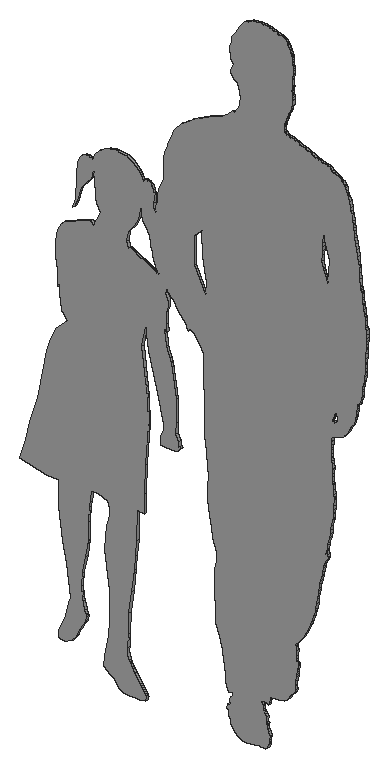
Revit family
Parameters (values of type "People_03_Multiple_views")
  built-in parameter 1005198 = (empty or 0)
  built-in parameter 1005195 = "d:\\byoh\\M25_HOL1_Santa.rpc"
  Assembly Code = ""
Reference planes (in)
  plane 1 "Center (Front/Back)": y = 0
  plane 2: z = 0
  plane 3 "Center (Left/Right)": x = 0
Forms (in)
  Extrusion 1, solid, material "Entourage-Figure"
    sketch origin (111.37733, 0, -1.20592) x (1, 0, 0) y (0, 0, 1)
      loop
        line (-119.831, 48.19753) -> (-120.61107, 46.72492) -> (-120.94509, 47.01286) -> (-122.49156, 46.44676) -> (-123.83276, 45.87233) -> (-124.24863, 45.55062) -> (-124.6006, 44.87224) -> (-124.90241, 43.66574) -> (-124.87498, 42.15762) -> (-124.79266, 41.41727) -> (-124.6006, 40.86887) -> (-124.62965, 39.24298) -> (-124.44885, 39.40581) -> (-124.38941, 38.55298) -> (-124.17677, 37.02569)
        arc (-124.17677, 37.02569) -> (-124.15194, 36.93712) -> (-124.10441, 36.85838) r 0.34191
        line (-124.10441, 36.85838) -> (-123.56622, 36.1901) -> (-124.72748, 35.04112) -> (-125.42674, 33.69744) -> (-125.91985, 32.35715) -> (-126.34421, 30.08378) -> (-126.90357, 27.32724) -> (-127.71562, 24.69204) -> (-128.22383, 22.70915) -> (-128.84854, 20.67954) -> (-125.86325, 20.03237) -> (-124.48409, 20.03162) -> (-124.52503, 19.17253) -> (-124.52503, 17.37568) -> (-124.12548, 14.13138) -> (-123.62604, 12.08497) -> (-123.20324, 8.75418) -> (-123.44044, 8.16154) -> (-123.79625, 6.77871) -> (-124.53836, 5.07296) -> (-124.57412, 4.57648) -> (-124.4792, 4.38689) -> (-124.3443, 4.26561) -> (-124.12313, 4.22936) -> (-123.92048, 4.24184) -> (-123.73318, 4.27724) -> (-123.51182, 4.34164) -> (-123.16315, 4.53608) -> (-122.93279, 4.7022) -> (-122.79285, 4.8462) -> (-122.64393, 4.98992) -> (-122.50999, 5.1828) -> (-122.42546, 5.36961) -> (-122.23603, 5.88358) -> (-122.1276, 5.99428) -> (-121.53471, 6.91215)
        arc (-121.53471, 6.91215) -> (-121.50307, 6.9742) -> (-121.48467, 7.04138) r 0.34193
        line (-121.48467, 7.04138) -> (-121.40754, 7.50345)
        arc (-121.40754, 7.50345) -> (-121.40549, 7.60199) -> (-121.43164, 7.69702) r 0.34192
        line (-121.43164, 7.69702) -> (-121.60985, 8.10356) -> (-121.90405, 9.26451) -> (-121.99364, 10.36295) -> (-121.90345, 11.74567) -> (-121.48459, 13.43391) -> (-121.24757, 15.10169) -> (-121.20343, 16.98008) -> (-121.13389, 18.5364) -> (-120.859, 20.15419) -> (-120.09026, 20.15225) -> (-119.0543, 19.83662)
        arc (-119.0543, 19.83662) -> (-118.89393, 18.56435) -> (-119.23479, 17.32814) r 3.27218
        arc (-119.23479, 17.32814) -> (-119.39976, 14.91429) -> (-119.10392, 12.51297) r 12.69856
        arc (-119.10392, 12.51297) -> (-118.86532, 11.07567) -> (-118.83779, 9.61896) r 10.01511
        arc (-118.83779, 9.61896) -> (-118.83466, 8.02413) -> (-119.00231, 6.43813) r 14.8727
        arc (-119.00231, 6.43813) -> (-119.16628, 5.34984) -> (-119.38577, 4.27139) r 21.47897
        line (-119.38577, 4.27139) -> (-119.55215, 3.22016) -> (-118.87614, 2.69777) -> (-118.49928, 2.5219) -> (-118.2131, 2.27081) -> (-118.06889, 1.9553) -> (-117.75257, 1.63956) -> (-117.30181, 1.40441) -> (-116.62503, 1.32351) -> (-115.9663, 1.29332) -> (-115.52622, 1.32599) -> (-114.90848, 1.44883)
        arc (-114.90848, 1.44883) -> (-114.76079, 1.6657) -> (-114.81027, 1.92337) r 0.34191
        line (-114.81027, 1.92337) -> (-116.05596, 3.81028) -> (-116.5882, 4.66359)
        arc (-116.5882, 4.66359) -> (-116.84811, 5.30485) -> (-116.84538, 5.99677) r 1.78986
        line (-116.84538, 5.99677) -> (-116.8115, 7.43852) -> (-116.7284, 9.57153) -> (-116.38856, 11.75621) -> (-116.13856, 13.97598) -> (-115.98799, 15.47269) -> (-115.83548, 17.05178) -> (-115.76617, 20.00119) -> (-115.04195, 19.9512) -> (-114.9953, 21.93669) -> (-114.86832, 24.88474) -> (-114.59852, 28.99995) -> (-114.70919, 31.65684)
        arc (-114.70919, 31.65684) -> (-114.92729, 34.11191) -> (-115.28662, 36.55033) r 42.72125
        line (-115.28662, 36.55033) -> (-114.88525, 38.58313) -> (-114.59865, 36.36106) -> (-113.53546, 32.49478) -> (-112.88511, 29.65211) -> (-112.90002, 29.01774) -> (-113.20521, 28.30776) -> (-113.19258, 27.44194) -> (-112.53427, 27.3935) -> (-111.6102, 27.42949) -> (-111.22774, 27.56888) -> (-110.95701, 27.85141) -> (-110.98552, 28.09276) -> (-111.18509, 27.97366) -> (-111.18212, 28.45806) -> (-111.51245, 29.13351) -> (-111.42768, 30.28556) -> (-111.43057, 32.61843) -> (-112.00892, 36.06939) -> (-112.55039, 37.58236) -> (-112.71902, 39.02266)
        arc (-112.71902, 39.02266) -> (-112.6187, 38.97302) -> (-112.52159, 38.91737) r 1.8369
        line (-112.52159, 38.91737) -> (-112.54806, 39.72711) -> (-112.58807, 40.95097)
        arc (-112.58807, 40.95097) -> (-112.32022, 41.88107) -> (-112.67723, 42.78072) r 1.49746
        arc (-112.67723, 42.78072) -> (-112.59852, 42.93368) -> (-112.54473, 43.09706) r 1.0952
        line (-112.54473, 43.09706) -> (-112.34541, 42.83988) -> (-112.0997, 42.57184) -> (-111.77581, 42.41546) -> (-111.42958, 41.67834) -> (-111.18387, 41.39911) -> (-110.97166, 41.15339) -> (-110.69245, 40.77367) -> (-110.45791, 40.53913) -> (-110.35739, 40.18173) -> (-110.2457, 39.9807) -> (-110.067, 39.93603) -> (-109.96649, 40.04771) -> (-109.74311, 39.9807) -> (-109.56441, 39.92484) -> (-109.34104, 39.58979) -> (-109.12883, 39.31057) -> (-108.9613, 39.0537) -> (-108.81611, 38.81916) -> (-108.63741, 38.47293) -> (-108.48105, 38.2719) -> (-108.45871, 37.93683) -> (-108.44754, 36.97632) -> (-108.43638, 36.38438) -> (-108.40287, 35.60258) -> (-108.40287, 35.28985) -> (-108.29118, 33.9161) -> (-108.32469, 33.40234) -> (-108.3582, 32.2408) -> (-108.38053, 31.82757) -> (-108.32469, 30.58785) -> (-108.33586, 30.12992) -> (-108.24651, 29.32578) -> (-108.15716, 28.63333) -> (-108.10131, 27.92969) -> (-108.04548, 27.60581) -> (-108.0343, 27.24841) -> (-107.92262, 25.91933) -> (-107.9673, 25.41673) -> (-107.94495, 24.56792) -> (-107.97846, 23.93131) -> (-107.84443, 23.03781) -> (-107.78859, 22.26718) -> (-107.58756, 21.13915) -> (-107.4312, 20.27915) -> (-107.35302, 19.88826) -> (-107.16314, 19.30747) -> (-106.99561, 18.95009) -> (-106.99561, 18.32463) -> (-107.05146, 17.94491) -> (-107.17432, 17.28594) -> (-107.19666, 17.04024) -> (-107.21899, 16.45947) -> (-107.24133, 15.94571) -> (-107.26366, 15.45428) -> (-107.26366, 14.82884) -> (-107.19666, 14.34859) -> (-107.12964, 13.79015) -> (-107.06263, 13.24289) -> (-107.06263, 12.47226) -> (-107.07379, 11.9585) -> (-106.98445, 11.66811) -> (-106.8951, 11.33304) -> (-106.78341, 11.00916) -> (-106.70523, 10.7411) -> (-106.60471, 10.29435) -> (-106.48186, 9.80293) -> (-106.38135, 9.45671) -> (-106.3255, 9.12164) -> (-106.22498, 8.71958) -> (-106.1803, 8.48503) -> (-106.1468, 8.16113) -> (-106.10212, 7.90426) -> (-106.07978, 7.69206) -> (-106.04628, 7.40167) -> (-106.03511, 7.10013) -> (-105.99044, 6.7874) -> (-105.97927, 6.54168) -> (-105.95693, 6.34065) -> (-105.90109, 6.18429) -> (-105.87875, 6.10611) -> (-105.84524, 5.96091) -> (-105.80057, 5.83805) -> (-105.68888, 5.59235) -> (-105.66655, 5.55885) -> (-105.2198, 5.60352) -> (-105.25331, 5.15677) -> (-105.44317, 5.08976) -> (-105.51019, 4.77703) -> (-105.49901, 4.35262) -> (-105.74473, 4.33028) -> (-105.86758, 3.9282) -> (-105.75589, 4.01757) -> (-105.68888, 3.51498) -> (-105.64421, 3.17991) -> (-105.49901, 2.83367) -> (-105.42083, 2.5433) -> (-105.36499, 2.28641) -> (-105.25331, 2.08538) -> (-105.16396, 1.99603) -> (-104.88474, 1.72798) -> (-104.62786, 1.50461) -> (-104.3598, 1.34825) -> (-104.09176, 1.20305) -> (-103.71203, 1.16954) -> (-103.25411, 1.27008) -> (-103.04191, 1.30358) -> (-102.7962, 1.33709) -> (-102.6175, 1.34825) -> (-102.49464, 1.35942) -> (-102.11491, 1.37059) -> (-101.58998, 1.37059) -> (-101.32193, 1.56045) -> (-101.19907, 1.86201) -> (-101.14324, 2.11888) -> (-101.12089, 2.44278) -> (-101.03155, 2.72199) -> (-101.21024, 3.19108) -> (-101.34427, 3.44797) -> (-101.3666, 3.63783) -> (-101.43362, 3.91704) -> (-101.24375, 3.95056) -> (-101.44479, 4.11808) -> (-101.41127, 4.58717) -> (-101.72401, 4.96689) -> (-101.77984, 5.21261) -> (-101.82453, 5.49184) -> (-101.98088, 5.84922) -> (-101.94738, 5.9274) -> (-101.6905, 5.94974) -> (-101.37778, 5.88273) -> (-101.18791, 5.87156) -> (-101.1544, 6.05025) -> (-101.05388, 6.34065) -> (-100.95337, 6.64219) -> (-100.80817, 6.67571) -> (-100.72999, 6.68688) -> (-100.42844, 6.67571) -> (-100.09337, 6.70922) -> (-99.82533, 6.76506) -> (-99.41208, 6.87674) -> (-99.14404, 7.05544) -> (-98.96534, 7.22298) -> (-98.74197, 7.63622) -> (-98.66379, 7.73674) -> (-98.50743, 7.83725) -> (-98.28405, 8.09412) -> (-98.20587, 8.33984) -> (-98.2282, 8.73075) -> (-98.2282, 8.90944) -> (-98.18353, 9.31152) -> (-98.10535, 9.70241) -> (-98.08302, 9.97047) -> (-98.06068, 10.24968) -> (-98.00484, 10.57358) -> (-97.90432, 10.59591) -> (-97.91548, 10.86397) -> (-97.92665, 11.03149) -> (-98.016, 11.17668) -> (-98.11652, 11.2772) -> (-98.11652, 11.44474) -> (-98.13886, 11.80212) -> (-98.09418, 12.33822) -> (-98.12769, 12.65095) -> (-98.19471, 12.81848) -> (-98.03834, 13.01951) -> (-97.69212, 13.44392) -> (-97.36822, 13.83483) -> (-97.10017, 14.32625) -> (-96.79862, 14.85118) -> (-96.58642, 15.39844) -> (-96.55291, 15.47662) -> (-96.39655, 15.8787) -> (-96.18434, 16.43713) -> (-96.06149, 16.87271) -> (-95.99447, 17.25244) -> (-95.86045, 17.81087) -> (-95.78227, 18.25762) -> (-95.72642, 18.76021) -> (-95.6259, 19.12878) -> (-95.57006, 19.48617) -> (-95.52539, 19.85474) -> (-95.4137, 20.18981) -> (-95.31318, 20.59188) -> (-95.26851, 20.78174) -> (-95.19033, 21.20616) -> (-95.10098, 21.64174) -> (-95.07864, 21.78693) -> (-95.00046, 22.0773) -> (-94.8776, 22.24485) -> (-94.71008, 22.41237) -> (-94.62072, 22.79211) -> (-94.64306, 23.02665) -> (-94.75151, 23.37278) -> (-94.92228, 23.02665) -> (-94.68774, 23.57391) -> (-94.6319, 24.043) -> (-94.59839, 24.31105) -> (-94.40852, 24.8248) -> (-94.33034, 25.28271) -> (-94.31918, 25.70713) -> (-94.25216, 26.05335) -> (-94.10697, 26.68997) -> (-94.05112, 26.81282) -> (-94.05112, 27.32658) -> (-94.02879, 27.47177) -> (-93.98411, 27.77333) -> (-93.97295, 28.13074) -> (-93.92826, 28.73384) -> (-93.93944, 28.96838) -> (-93.97295, 29.28111) -> (-94.02879, 29.69435) -> (-94.06229, 30.17459) -> (-94.10697, 30.33096) -> (-94.15164, 30.49849) -> (-94.16282, 31.03459) -> (-94.16282, 31.23562) -> (-94.08463, 31.6712) -> (-94.08463, 31.83874) -> (-94.15164, 32.28547) -> (-94.19631, 32.58703) -> (-94.22982, 32.82158) -> (-94.28567, 33.17897) -> (-94.26333, 33.59222) -> (-94.24099, 33.80442) -> (-94.21865, 34.15063) -> (-94.19631, 34.40752) -> (-94.19631, 34.5974) -> (-94.14047, 34.91011) -> (-94.05112, 34.94362) -> (-93.9171, 34.99946) -> (-93.79425, 35.05532) -> (-93.57087, 35.1335) -> (-93.44802, 35.17815) -> (-93.09061, 35.34569) -> (-92.91192, 35.4127) -> (-92.76673, 35.51324) -> (-92.48751, 35.85945) -> (-92.37582, 36.02698) -> (-92.21946, 36.31737) -> (-92.11894, 36.55191) -> (-91.97375, 36.68593) -> (-91.80622, 36.86462) -> (-91.69453, 37.12151) -> (-91.62752, 37.51242) -> (-91.5605, 37.75812) -> (-91.4935, 38.00384) -> (-91.41532, 38.40592) -> (-91.38181, 38.68512) -> (-91.35947, 38.91966) -> (-91.40414, 39.15421) -> (-91.32596, 39.16538) -> (-91.27012, 39.16538) -> (-91.11376, 39.22122) -> (-91.08026, 39.26589) -> (-91.05791, 39.47811) -> (-90.93506, 39.71264) -> (-90.86806, 39.96951) -> (-90.84572, 40.2264) -> (-90.81221, 40.57264) -> (-90.78988, 40.78484) -> (-90.75636, 41.09757) -> (-90.70052, 41.3321) -> (-90.61117, 41.70067) -> (-90.52182, 42.21443) -> (-90.46598, 42.58299) -> (-90.51065, 43.02974) -> (-90.46598, 43.44298) -> (-90.46598, 43.61051) -> (-90.44364, 44.06842) -> (-90.43247, 44.52634) -> (-90.3878, 44.95076) -> (-90.3878, 45.15179) -> (-90.37662, 45.41984) -> (-90.33195, 45.75491) -> (-90.29845, 46.10113) -> (-90.30962, 46.41386) -> (-90.32078, 46.82709) -> (-90.42131, 47.12865) -> (-90.45481, 47.31851) -> (-90.46598, 47.78761) -> (-90.46598, 48.05565) -> (-90.58883, 48.34603) -> (-90.61117, 48.45771) -> (-90.64468, 48.79278) -> (-90.68934, 49.16133) -> (-90.76753, 49.40705) -> (-90.81221, 49.71978) -> (-90.83455, 49.97667) -> (-90.82337, 50.34522) -> (-90.89039, 50.49041) -> (-90.97973, 50.68029) -> (-90.96857, 50.75847) -> (-90.97973, 50.93716) -> (-91.01324, 51.10469) -> (-91.09142, 51.74132) -> (-91.14727, 52.32207) -> (-91.1696, 52.83583) -> (-91.27012, 53.40543) -> (-91.30363, 53.85218) -> (-91.41532, 54.55582) -> (-91.53817, 55.04724) -> (-91.63869, 55.61683) -> (-91.7057, 56.05242) -> (-91.77271, 56.55502) -> (-91.78388, 56.8789) -> (-91.86206, 57.29214) -> (-91.95142, 57.78357) -> (-92.08543, 58.20798) -> (-92.10778, 58.45368) -> (-92.18596, 59.01213) -> (-92.38699, 59.4477) -> (-92.454, 59.64873) -> (-92.57686, 59.96146) -> (-92.66621, 60.21834) -> (-92.75556, 60.36351) -> (-92.86724, 60.51989) -> (-92.97894, 60.70975) -> (-93.12412, 60.77678) -> (-93.26932, 60.87729) -> (-93.80541, 61.24586) -> (-93.96177, 61.31286) -> (-94.18515, 61.42456) -> (-94.33034, 61.54741) -> (-94.4867, 61.64792) -> (-94.65423, 61.71493) -> (-94.82177, 61.77077) -> (-95.03397, 61.74845) -> (-95.17916, 61.82662) -> (-95.36903, 61.89363) -> (-95.5924, 61.96065) -> (-95.67058, 61.99416) -> (-95.89396, 62.05) -> (-95.97214, 62.0835) -> (-96.21785, 62.18402) -> (-96.41888, 62.28453) -> (-96.56407, 62.34038) -> (-96.70927, 62.37388) -> (-96.8768, 62.44089) -> (-97.07784, 62.53025) -> (-97.24537, 62.56376) -> (-97.43523, 62.59725) -> (-97.7703, 62.70895) -> (-97.93782, 62.82063) -> (-98.04951, 62.88764) -> (-98.1612, 62.93233) -> (-98.25054, 62.977) -> (-98.38456, 63.03285) -> (-98.50743, 63.05517) -> (-98.66379, 63.06635) -> (-98.77547, 63.06635) -> (-98.876, 63.11102) -> (-98.93184, 63.11102) -> (-99.01002, 63.1557) -> (-99.11053, 63.20037) -> (-99.27806, 63.21154) -> (-99.32274, 63.4014) -> (-99.35624, 63.43492) -> (-99.44559, 63.45726) -> (-99.45677, 63.59128) -> (-99.45677, 63.88165) -> (-99.42326, 63.99334) -> (-99.40092, 64.18322) -> (-99.40092, 64.27256) -> (-99.37859, 64.35074) -> (-99.33391, 64.45126) -> (-99.2669, 64.52943) -> (-99.19988, 64.84217) -> (-99.14404, 64.90918) -> (-99.1217, 64.96503) -> (-99.07703, 65.00971) -> (-99.05469, 65.13254) -> (-99.03236, 65.23307) -> (-99.02118, 65.35592) -> (-98.86482, 65.50111) -> (-98.82015, 65.64632) -> (-98.77547, 65.758) -> (-98.71964, 65.90319) -> (-98.68613, 65.9702) -> (-98.64145, 66.16006) -> (-98.56327, 66.28293) -> (-98.52976, 66.37228) -> (-98.52976, 66.83019) -> (-98.54092, 66.93071) -> (-98.54092, 67.16524) -> (-98.5521, 67.31045) -> (-98.57443, 67.44447) -> (-98.58561, 67.53381) -> (-98.60794, 67.63433) -> (-98.63028, 67.74603) -> (-98.60794, 67.82419) -> (-98.58561, 67.98057) -> (-98.52976, 68.10342) -> (-98.52976, 68.18159) -> (-98.56327, 68.22628) -> (-98.58561, 68.27096) -> (-98.58561, 68.85171) -> (-98.57443, 68.96341) -> (-98.5521, 69.19795) -> (-98.47392, 69.44365) -> (-98.49626, 69.80107) -> (-98.50743, 70.02444) -> (-98.4957, 70.22379) -> (-98.56327, 70.4265) -> (-98.56327, 70.56052) -> (-98.57443, 70.63871) -> (-98.58561, 70.82859) -> (-98.60794, 71.01845) -> (-98.61911, 71.06312) -> (-98.66379, 71.23065) -> (-98.67495, 71.29766) -> (-98.71964, 71.45402) -> (-98.74197, 71.53221) -> (-98.80898, 71.72207) -> (-98.89833, 71.9231) -> (-98.943, 71.97894) -> (-99.06585, 72.20233) -> (-99.13287, 72.33636) -> (-99.15521, 72.41452) -> (-99.24456, 72.52621) -> (-99.31157, 72.5709) -> (-99.42326, 72.62674) -> (-99.55728, 72.69375) -> (-99.72481, 72.74959) -> (-99.8365, 72.79426) -> (-100.07104, 72.86129) -> (-100.20506, 72.90595) -> (-100.38376, 72.98413) -> (-100.47311, 73.01765) -> (-100.64065, 73.06232) -> (-100.93103, 73.15167) -> (-101.06506, 73.20751) -> (-101.23258, 73.21868) -> (-101.63466, 73.26335) -> (-101.81335, 73.26335) -> (-101.95855, 73.27452) -> (-102.12607, 73.27452) -> (-102.34945, 73.22985) -> (-102.63984, 73.20751) -> (-102.76269, 73.20751) -> (-102.95256, 73.174) -> (-103.04191, 73.15167) -> (-103.24295, 73.06232) -> (-103.37697, 73.00646) -> (-103.47748, 72.98413) -> (-103.60034, 72.90595) -> (-103.70086, 72.88363) -> (-103.76787, 72.86129) -> (-103.87294, 72.80875) -> (-104.06942, 72.5709) -> (-104.20345, 72.38104) -> (-104.51618, 72.01246) -> (-104.66137, 71.75558) -> (-104.92941, 71.29766) -> (-105.28681, 70.82859) -> (-105.35383, 70.62756) -> (-105.36499, 70.30366) -> (-105.53252, 69.85689) -> (-105.5437, 69.60002) -> (-105.52135, 69.3543) -> (-105.44317, 69.04159) -> (-105.3985, 68.65068) -> (-105.33149, 68.43848) -> (-105.17513, 68.24862) -> (-105.15278, 68.12575) -> (-105.38732, 67.6455) -> (-105.432, 67.4333) -> (-105.3985, 67.26578) -> (-105.20863, 66.90837) -> (-105.0746, 66.75202) -> (-104.81773, 66.46162) -> (-104.71721, 66.36111) -> (-104.52734, 66.0037) -> (-104.42682, 65.758) -> (-104.40448, 65.4341) -> (-104.38215, 65.17721) -> (-104.37098, 65.00971) -> (-104.42682, 64.70814) -> (-104.41565, 64.54062) -> (-104.48267, 64.37308) -> (-104.58318, 64.00452) -> (-104.85123, 63.62477) -> (-104.8959, 63.35673) -> (-105.24214, 63.42374) -> (-105.68888, 63.02166) -> (-106.03511, 62.74245) -> (-106.49302, 62.46323) -> (-106.76107, 62.35154) -> (-107.16314, 62.22869) -> (-107.79976, 61.94948) -> (-108.40287, 61.65909) -> (-108.65975, 61.50273) -> (-108.97247, 61.42456) -> (-109.62026, 61.06714) -> (-110.16752, 60.67625) -> (-110.89348, 60.18482) -> (-111.47425, 59.58172) -> (-111.76464, 59.17964) -> (-111.87633, 58.88926) -> (-112.15555, 58.38667) -> (-112.43476, 57.66071) -> (-112.47944, 57.45967) -> (-112.76982, 56.7002) -> (-112.88151, 55.96306) -> (-112.92618, 55.39346) -> (-112.83684, 54.86853) -> (-112.90384, 53.97505) -> (-113.09371, 53.59531) -> (-113.22774, 53.2826) -> (-113.43995, 52.74648) -> (-113.49579, 52.25508) -> (-113.58513, 51.52912) -> (-113.73033, 50.89249) -> (-113.77437, 50.38599)
        arc (-113.77437, 50.38599) -> (-113.82114, 50.50497) -> (-113.87226, 50.62215) r 3.47449
        arc (-113.87226, 50.62215) -> (-113.96011, 50.9324) -> (-113.94992, 51.25469) r 1.05259
        arc (-113.94992, 51.25469) -> (-113.9311, 52.08684) -> (-114.17938, 52.8813) r 2.56835
        arc (-114.17938, 52.8813) -> (-114.60897, 53.21499) -> (-115.13578, 53.07949) r 0.61753
        line (-115.13578, 53.07949) -> (-115.44575, 53.73765)
        arc (-115.44575, 53.73765) -> (-118.24058, 55.0122) -> (-120.77894, 53.2824) r 3.12924
        line (-120.77894, 53.2824) -> (-121.25858, 53.38977) -> (-121.53579, 53.37617) -> (-121.80211, 53.23786) -> (-122.02236, 53.08477) -> (-122.15627, 52.87755) -> (-122.30994, 52.65088) -> (-122.39183, 52.34444) -> (-122.44392, 51.93946) -> (-122.55764, 51.5678) -> (-122.52876, 51.15232) -> (-122.48769, 50.67361) -> (-122.52045, 50.29144) -> (-122.58256, 49.82391) -> (-122.62274, 49.50216) -> (-122.61872, 49.14495) -> (-122.67644, 48.93005) -> (-122.68739, 48.55057) -> (-122.73539, 48.29258) -> (-122.81729, 47.98614) -> (-122.97095, 47.75946) -> (-123.00236, 47.69088) -> (-122.69212, 47.94019) -> (-122.59457, 48.11909) -> (-122.41732, 48.47812) -> (-122.35682, 48.77852) -> (-122.21226, 49.25958) -> (-122.12995, 49.56267) -> (-121.98192, 49.97942) -> (-121.75265, 50.23923) -> (-121.4741, 50.56641) -> (-121.22549, 50.84903) -> (-121.01555, 51.08602) -> (-120.8498, 51.35847) -> (-120.79438, 51.55605) -> (-120.71675, 51.75295) -> (-120.64614, 52.04329) -> (-120.45765, 49.9616)
        arc (-120.45765, 49.9616) -> (-120.28949, 49.028) -> (-119.831, 48.19753) r 2.92082
      loop
        line (-116.77626, 47.39678) -> (-116.93328, 46.45602) -> (-116.72905, 45.76627) -> (-116.56786, 45.87042) -> (-114.00175, 44.57365) -> (-113.7792, 44.43863)
        arc (-113.7792, 44.43863) -> (-113.60239, 44.45197) -> (-113.42575, 44.4366) r 1.0952
        line (-113.42575, 44.4366) -> (-113.71916, 44.93959) -> (-113.87552, 45.29699) -> (-113.97603, 45.62087) -> (-114.0989, 46.05645) -> (-114.15474, 46.33568) -> (-114.3446, 46.87176) -> (-114.36695, 47.27383) -> (-114.44513, 47.65357) -> (-114.41697, 47.85376) -> (-114.63111, 48.23214)
        arc (-114.63111, 48.23214) -> (-114.97576, 48.66759) -> (-115.15726, 49.19243) r 1.65784
        arc (-115.15726, 49.19243) -> (-115.25465, 49.68757) -> (-115.38109, 50.17609) r 8.54578
        arc (-115.38109, 50.17609) -> (-115.77762, 48.72711) -> (-116.65196, 47.50552) r 4.26482
        arc (-116.65196, 47.50552) -> (-116.71262, 47.44944) -> (-116.77626, 47.39678) r 1.50613
      loop
        line (-108.61794, 50.39962) -> (-109.4322, 49.53501) -> (-109.4322, 46.68687) -> (-108.21081, 44.19475) -> (-108.10902, 45.36452) -> (-108.31259, 46.53429) -> (-108.56705, 47.9075) -> (-108.61794, 50.39962)
      loop
        line (-95.14611, 54.59276) -> (-95.19033, 53.84101) -> (-95.19033, 53.5283) -> (-95.21267, 53.08155) -> (-95.235, 52.64597) -> (-95.31318, 52.02052) -> (-95.16799, 51.30573) -> (-94.91111, 50.7473) -> (-94.65423, 50.08834) -> (-94.46015, 52.30048) -> (-95.14611, 54.59276)
      loop
        line (-94.17606, 36.5572) -> (-93.99528, 36.4849) -> (-93.87243, 36.4849) -> (-93.72723, 36.5184) -> (-93.66022, 36.52957) -> (-93.59321, 36.57424) -> (-93.57087, 36.69711) -> (-93.53736, 36.97632) -> (-93.59321, 37.16618) -> (-93.7719, 37.38955) -> (-93.86126, 37.22204) -> (-93.93944, 37.13268) -> (-94.01761, 36.89814) -> (-94.10697, 36.69711) -> (-94.16282, 36.63009) -> (-94.17606, 36.5572)
    from -0.09766 to 0.09766
